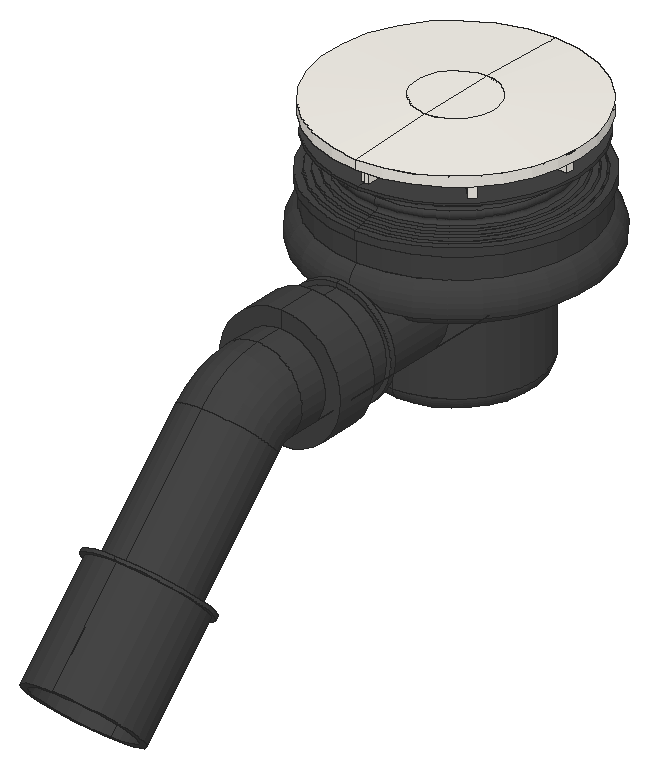
Revit family "Plumbing_Drainage_AXOR_42542XXX-Staro-Complete-set_waste-set-for-shower-tray", category Plumbing Fixtures, host Face, Revit 2022
Family settings
  Host = Face
  Round Connector Dimension = Use Diameter
  Part Type = Normal
  OmniClass Number = 23.31.15.17.23
  OmniClass Title = Bathtub Drains
  Cut with Voids When Loaded = No
  Maintain Annotation Orientation = No
  Shared = No
  Room Calculation Point = No
Parameters (values of type "000 Chrome")
  Version = 1  # constant formula
  URL = "https://www.hansgrohe.com/"
  Product data url = "https://bimobject.com/hansgrohe/product/42542XXX"
  Product Page URL = "https://www.axor-design.com/articledetail--42542000"
  Model = "42542XXX"  # constant formula
  Material 2 = AXOR - Plastic - Black
  Material 1 = AXOR - Metal - 000 Chrome
  Manufacturer = "Hansgrohe"  # constant formula
  Diameter = 50 mm  # constant formula
  Description = "Staro Complete set basic set and finish set waste set for shower tray"  # constant formula
  Default Elevation = 0 mm
  Date Updated = "2025/01/13"  # constant formula
  Date Created = "2025/01/13"  # constant formula
  Connector Description = "Water Outlet 50mm"  # constant formula
Types (5, lengths in mm): name | Product Page URL | Material 1
  700 Matt White | "https://www.axor-design.com/articledetail--42542700" | AXOR - Metal - 700 Matt White
  670 Matt Black | "https://www.axor-design.com/articledetail--42542670" | AXOR - Metal - 670 Matt Black
  340 Brushed Black Chrome | "https://www.axor-design.com/articledetail--42542340" | AXOR - Metal - 340 Brushed Black Chrome
  140 Brushed Bronze | "https://www.axor-design.com/articledetail--42542140" | AXOR - Metal - 140 Brushed Bronze
  000 Chrome | "https://www.axor-design.com/articledetail--42542000" | AXOR - Metal - 000 Chrome
Reference planes
  plane 1 "Center (Front/Back)": y = 0
  plane 2: z = 0
  plane 3 "Center (Left/Right)": x = 0
Forms (mm)
  Revolve 1, solid, material "AXOR - Plastic - Black" <- "Material 2", detail levels fine
    sketch origin (0, 0, 5.868) x (0, 1, 0) y (0, 0, 1)
      loop
        line (0, -43.69) -> (0, -109.546) -> (29.69, -109.546)
        arc (29.69, -109.546) -> (33.933, -107.789) -> (35.69, -103.546) r 6
        line (35.69, -103.546) -> (35.69, -64.127) -> (50.031, -64.127)
        arc (50.031, -64.127) -> (53.567, -62.662) -> (55.031, -59.127) r 5
        line (55.031, -59.127) -> (55.031, -57.496) -> (60.504, -57.496)
        arc (60.504, -57.496) -> (60.578, -49.834) -> (56, -43.69) r 12
        line (56, -43.69) -> (56, -33.596) -> (57.5, -33.596) -> (57.5, -29.996) -> (54.462, -29.996) -> (54, -29.196) -> (51.462, -29.196) -> (51, -28.396) -> (48.462, -28.396) -> (48, -27.596) -> (45.449, -27.596)
        arc (45.449, -27.596) -> (44.314, -26.47) -> (44.987, -25.02) r 1.391
        arc (44.987, -25.02) -> (45.897, -23.445) -> (44.987, -21.871) r 1.818
        arc (44.987, -21.871) -> (44.312, -20.701) -> (44.987, -19.532) r 1.35
        line (44.987, -19.532) -> (52.438, -15.23) -> (53.495, -15.23) -> (55.547, -14.045) -> (55.547, -13.028) -> (38.521, -13.028) -> (38.521, -43.69) -> (0, -43.69)
      axis (0, -13.028) -> (0, -109.546)
    angle from 0 to 360
  Sweep 2, solid, material "AXOR - Plastic - Black" <- "Material 2", detail levels fine
    path origin (0, 0, 5.868) x (0, 1, 0) y (0, 0, 1)
      loop
        line (-175.816, -124.439) -> (-129.822, -78.446)
        arc (-129.822, -78.446) -> (-121.712, -73.027) -> (-112.145, -71.124) r 25
        line (-112.145, -71.124) -> (0, -71.124)
    profile origin (0, -152.819, -95.574) x (0, -0.707107, 0.707107) y (1, 0, 0)
      loop
        circle (0, 0) r 20
      loop
        circle (0, 0) r 18
  Revolve 3, solid, material "AXOR - Plastic - Black" <- "Material 2", detail levels fine
    sketch origin (0, 0, 5.868) x (0, 1, 0) y (0, 0, 1)
      loop
        line (-228.566, -141.834) -> (-226.492, -143.908) -> (-191.42, -108.836) -> (-189.958, -110.297) -> (-186.966, -107.305) -> (-188.815, -106.632) -> (-192.504, -102.943) -> (-193.564, -104.004) -> (-192.15, -105.418) -> (-228.566, -141.834)
      axis (-172.824, -121.447) -> (-210.888, -159.512)
    angle from 0 to 360
  Revolve 4, solid, material "AXOR - Plastic - Black" <- "Material 2", detail levels fine
    sketch origin (0, 0, 5.868) x (0, 1, 0) y (0, 0, 1)
      loop
        line (-99.3, -43.624) -> (-99.3, -53.124) -> (-65, -53.124) -> (-65, -46.701) -> (-67.5, -46.701) -> (-67.5, -48.726) -> (-80.8, -48.726) -> (-80.8, -43.624) -> (-99.3, -43.624)
      axis (-99.3, -71.124) -> (-65, -71.124)
    angle from 0 to 360
  Revolve 5, solid, material "AXOR - Metal - 000 Chrome" <- "Material 1", detail levels fine
    sketch origin (0, 0, 5.868) x (0, 1, 0) y (0, 0, 1)
      loop
        line (56.443, -5.868) -> (56.443, -1.473)
        arc (56.443, -1.473) -> (36.945, -0.368) -> (17.419, 0) r 517.716
        line (17.419, 0) -> (0, 0) -> (0, -5.868) -> (21.566, -5.868) -> (21.566, -9.847) -> (26.108, -13.028) -> (33.932, -13.028) -> (33.932, -43.69) -> (38.521, -43.69) -> (38.521, -13.028) -> (51.551, -13.028) -> (51.551, -5.868) -> (56.443, -5.868)
      axis (0, -43.69) -> (0, 0)
    angle from 0 to 360
  Extrusion 6, void
    sketch origin (0, 0, 5.868) x (1, 0, 0) y (0, 1, 0)
      loop
        circle (0, 0) r 80
      loop
        line (-1.567, 18.69) -> (1.567, 18.69) -> (1.567, 64.34) -> (-1.567, 64.34) -> (-1.567, 18.69)
      loop
        line (18.69, 1.567) -> (18.69, -1.567) -> (64.342, -1.567) -> (64.342, 1.567) -> (18.69, 1.567)
      loop
        line (-1.567, -18.69) -> (-1.567, -64.34) -> (1.567, -64.34) -> (1.567, -18.69) -> (-1.567, -18.69)
      loop
        line (-18.69, 1.567) -> (-64.342, 1.567) -> (-64.342, -1.567) -> (-18.69, -1.567) -> (-18.69, 1.567)
      loop
        line (12.108, 14.324) -> (14.324, 12.108) -> (46.603, 44.387) -> (44.387, 46.603) -> (12.108, 14.324)
      loop
        line (14.324, -12.108) -> (12.108, -14.324) -> (44.389, -46.605) -> (46.605, -44.389) -> (14.324, -12.108)
      loop
        line (-14.324, -12.108) -> (-46.603, -44.387) -> (-44.387, -46.603) -> (-12.108, -14.324) -> (-14.324, -12.108)
      loop
        line (-12.108, 14.324) -> (-44.389, 46.605) -> (-46.605, 44.389) -> (-14.324, 12.108) -> (-12.108, 14.324)
    from -13.028 to -5.868
  Revolve 7, solid, material "AXOR - Plastic - Black" <- "Material 2", detail levels medium
    sketch origin (0, 0, 5.868) x (0, 1, 0) y (0, 0, 1)
      loop
        line (-228.566, -141.834) -> (-210.888, -159.512) -> (-173.412, -122.035) -> (-192.504, -102.943) -> (-193.564, -104.004) -> (-192.15, -105.418) -> (-228.566, -141.834)
      axis (-173.412, -122.035) -> (-210.888, -159.512)
    angle from 0 to 360
  Sweep 8, solid, material "AXOR - Plastic - Black" <- "Material 2", detail levels medium
    path origin (0, 0, 5.868) x (0, 1, 0) y (0, 0, 1)
      loop
        line (-173.412, -122.035) -> (-129.822, -78.446)
        arc (-129.822, -78.446) -> (-121.712, -73.027) -> (-112.145, -71.124) r 25
        line (-112.145, -71.124) -> (0, -71.124)
    profile origin (0, -151.617, -94.372) x (0, -0.707107, 0.707107) y (1, 0, 0)
      loop
        circle (0, 0) r 20
  Revolve 9, solid, material "AXOR - Plastic - Black" <- "Material 2", detail levels medium
    sketch origin (0, 0, 5.868) x (0, 1, 0) y (0, 0, 1)
      loop
        line (-99.3, -43.624) -> (-99.3, -71.124) -> (-65, -71.124) -> (-65, -46.701) -> (-67.5, -46.701) -> (-67.5, -48.726) -> (-80.8, -48.726) -> (-80.8, -43.624) -> (-99.3, -43.624)
      axis (-99.3, -71.124) -> (-65, -71.124)
    angle from 0 to 360
  Sweep 10, solid, material "AXOR - Plastic - Black" <- "Material 2", detail levels coarse
    path origin (0, 0, 5.868) x (0, 1, 0) y (0, 0, 1)
      loop
        line (-210.888, -159.512) -> (-129.822, -78.446)
        arc (-129.822, -78.446) -> (-121.712, -73.027) -> (-112.145, -71.124) r 25
        line (-112.145, -71.124) -> (0, -71.124)
    profile origin (0, -170.355, -113.111) x (0, -0.707107, 0.707107) y (1, 0, 0)
      loop
        line (20, 20) -> (-20, 20) -> (-20, -20) -> (20, -20) -> (20, 20)
  Revolve 11, solid, material "AXOR - Metal - 000 Chrome" <- "Material 1", detail levels medium
    sketch origin (0, 0, 5.868) x (0, 1, 0) y (0, 0, 1)
      loop
        line (56.443, -5.868) -> (56.443, -1.473)
        arc (56.443, -1.473) -> (36.945, -0.368) -> (17.419, 0) r 517.716
        line (17.419, 0) -> (0, 0) -> (0, -43.69) -> (38.521, -43.69) -> (38.521, -13.028) -> (51.551, -13.028) -> (51.551, -5.868) -> (56.443, -5.868)
      axis (0, -43.69) -> (0, 0)
    angle from 0 to 360
  Revolve 12, solid, material "AXOR - Plastic - Black" <- "Material 2", detail levels medium
    sketch origin (0, 0, 5.868) x (0, 1, 0) y (0, 0, 1)
      loop
        line (0, -13.028) -> (0, -109.546) -> (35.69, -109.546) -> (35.69, -64.127) -> (55.031, -64.127) -> (55.031, -57.496) -> (60.504, -57.496) -> (60.504, -43.69) -> (56, -43.69) -> (56, -33.596) -> (57.5, -33.596) -> (57.5, -27.596) -> (44.987, -27.596) -> (44.987, -19.532) -> (52.438, -15.23) -> (53.495, -15.23) -> (55.547, -14.045) -> (55.547, -13.028) -> (0, -13.028)
      axis (0, -13.028) -> (0, -109.546)
    angle from 0 to 360
  Revolve 13, solid, material "AXOR - Plastic - Black" <- "Material 2", detail levels coarse
    sketch origin (0, 0, 5.868) x (0, 1, 0) y (0, 0, 1)
      loop
        line (0, -13.028) -> (0, -109.546) -> (35.69, -109.546) -> (35.69, -64.127) -> (55.031, -64.127) -> (55.031, -57.496) -> (60.504, -57.496) -> (60.504, -43.69) -> (55.547, -43.69) -> (55.547, -13.028) -> (0, -13.028)
      axis (0, -13.028) -> (0, -109.546)
    angle from 0 to 360
  Revolve 14, solid, material "AXOR - Metal - 000 Chrome" <- "Material 1", detail levels coarse
    sketch origin (0, 0, 5.868) x (0, 1, 0) y (0, 0, 1)
      loop
        line (0, 0) -> (0, -13.028) -> (55.547, -13.028) -> (55.547, 0) -> (0, 0)
      axis (0, 0) -> (0, -13.028)
    angle from 0 to 360
Cuts and joins
  Extrusion 6 cuts Revolve 1
  Extrusion 6 cuts Revolve 5
  joined: Sweep 2, Revolve 3
Lines and regions (mm)
  Masking region 1
    outline origin (0, 0, 5.868) x (0, 1, 0) y (0, 0, 1)
      loop
        line (55.547, -13.028) -> (51.551, -13.028) -> (51.551, -5.868) -> (56.443, -5.868) -> (56.443, -1.473)
        arc (56.443, -1.473) -> (36.945, -0.368) -> (17.419, 0) r 517.716
        line (17.419, 0) -> (0, 0) -> (-17.419, 0)
        arc (-17.419, 0) -> (-36.945, -0.368) -> (-56.443, -1.473) r 517.716
        line (-56.443, -1.473) -> (-56.443, -5.868) -> (-51.551, -5.868) -> (-51.551, -13.028) -> (-55.547, -13.028) -> (-55.547, -14.045) -> (-53.495, -15.23) -> (-52.438, -15.23) -> (-44.987, -19.532)
        arc (-44.987, -19.532) -> (-44.312, -20.701) -> (-44.987, -21.871) r 1.35
        arc (-44.987, -21.871) -> (-45.897, -23.445) -> (-44.987, -25.02) r 1.818
        arc (-44.987, -25.02) -> (-44.314, -26.47) -> (-45.449, -27.596) r 1.391
        line (-45.449, -27.596) -> (-48, -27.596) -> (-48.462, -28.396) -> (-51, -28.396) -> (-51.462, -29.196) -> (-54, -29.196) -> (-54.462, -29.996) -> (-57.5, -29.996) -> (-57.5, -33.596) -> (-56, -33.596) -> (-56, -43.69)
        arc (-56, -43.69) -> (-60.578, -49.834) -> (-60.504, -57.496) r 12
        line (-60.504, -57.496) -> (-65, -57.496) -> (-65, -46.701) -> (-67.5, -46.701) -> (-67.5, -48.726) -> (-80.8, -48.726) -> (-80.8, -43.624) -> (-99.3, -43.624) -> (-99.3, -51.124) -> (-112.145, -51.124)
        arc (-112.145, -51.124) -> (-129.365, -54.549) -> (-143.964, -64.304) r 45
        line (-143.964, -64.304) -> (-186.966, -107.305) -> (-188.815, -106.632) -> (-192.504, -102.943) -> (-193.564, -104.004) -> (-192.15, -105.418) -> (-228.566, -141.834) -> (-193.211, -177.19) -> (-156.795, -140.774) -> (-155.38, -142.188) -> (-154.32, -141.127) -> (-158.009, -137.438) -> (-158.682, -135.589) -> (-115.68, -92.588)
        arc (-115.68, -92.588) -> (-114.058, -91.504) -> (-112.145, -91.124) r 5
        line (-112.145, -91.124) -> (-99.3, -91.124) -> (-99.3, -98.624) -> (-80.8, -98.624) -> (-80.8, -93.522) -> (-67.5, -93.522) -> (-67.5, -95.546) -> (-65, -95.546) -> (-65, -91.465) -> (-32.19, -91.465) -> (-32.19, -103.546)
        arc (-32.19, -103.546) -> (-30.433, -107.789) -> (-26.19, -109.546) r 6
        line (-26.19, -109.546) -> (29.69, -109.546)
        arc (29.69, -109.546) -> (33.933, -107.789) -> (35.69, -103.546) r 6
        line (35.69, -103.546) -> (35.69, -69.347) -> (50.031, -64.127)
        arc (50.031, -64.127) -> (53.567, -62.662) -> (55.031, -59.127) r 5
        line (55.031, -59.127) -> (55.031, -57.496) -> (60.504, -57.496)
        arc (60.504, -57.496) -> (60.578, -49.834) -> (56, -43.69) r 12
        line (56, -43.69) -> (56, -33.596) -> (57.5, -33.596) -> (57.5, -29.996) -> (54.462, -29.996) -> (54, -29.196) -> (51.462, -29.196) -> (51, -28.396) -> (48.462, -28.396) -> (48, -27.596) -> (45.449, -27.596)
        arc (45.449, -27.596) -> (44.314, -26.47) -> (44.987, -25.02) r 1.391
        arc (44.987, -25.02) -> (45.897, -23.445) -> (44.987, -21.871) r 1.818
        arc (44.987, -21.871) -> (44.312, -20.701) -> (44.987, -19.532) r 1.35
        line (44.987, -19.532) -> (52.438, -15.23) -> (53.495, -15.23) -> (55.547, -14.045) -> (55.547, -13.028)
  Masking region 2
    outline origin (0, 0, 5.868) x (1, 0, 0) y (0, 0, 1)
      loop
        line (-54.462, -29.996) -> (-57.5, -29.996) -> (-57.5, -33.596) -> (-56, -33.596) -> (-56, -43.69)
        arc (-56, -43.69) -> (-60.578, -49.834) -> (-60.504, -57.496) r 12
        line (-60.504, -57.496) -> (-55.031, -57.496) -> (-55.031, -59.127)
        arc (-55.031, -59.127) -> (-53.567, -62.662) -> (-50.031, -64.127) r 5
        line (-50.031, -64.127) -> (-35.69, -64.127) -> (-35.69, -103.546)
        arc (-35.69, -103.546) -> (-33.933, -107.789) -> (-29.69, -109.546) r 6
        line (-29.69, -109.546) -> (-20.422, -109.546)
        spline (-20.422, -109.546) -> (-21.434, -110.426) -> (-22.372, -111.346) -> (-23.23, -112.305) -> (-24.006, -113.297) -> (-24.698, -114.321) -> (-25.302, -115.372) -> (-25.817, -116.446) -> (-26.241, -117.54) -> (-26.572, -118.65) -> (-26.81, -119.772) -> (-26.952, -120.901) -> (-27, -122.035)
        line (-27, -122.035) -> (-27, -123.096)
        spline (-27, -123.096) -> (-26.986, -123.712) -> (-26.944, -124.328) -> (-26.874, -124.942) -> (-26.775, -125.554) -> (-26.649, -126.164) -> (-26.495, -126.77) -> (-26.314, -127.373) -> (-26.105, -127.971) -> (-25.869, -128.564) -> (-25.606, -129.152) -> (-25.316, -129.733) -> (-25, -130.307)
        line (-25, -130.307) -> (-25, -159.512)
        spline (-25, -159.512) -> (-24.786, -161.819) -> (-24.148, -164.087) -> (-23.097, -166.277) -> (-21.651, -168.351) -> (-19.834, -170.273) -> (-17.678, -172.012) -> (-15.219, -173.537) -> (-12.5, -174.821) -> (-9.567, -175.844) -> (-6.47, -176.587) -> (-3.263, -177.038) -> (0, -177.19)
        spline (0, -177.19) -> (3.263, -177.038) -> (6.47, -176.587) -> (9.567, -175.844) -> (12.5, -174.821) -> (15.219, -173.537) -> (17.678, -172.012) -> (19.834, -170.273) -> (21.651, -168.351) -> (23.097, -166.277) -> (24.148, -164.087) -> (24.786, -161.819) -> (25, -159.512)
        line (25, -159.512) -> (25, -130.307)
        spline (25, -130.307) -> (25.316, -129.733) -> (25.606, -129.152) -> (25.869, -128.564) -> (26.105, -127.971) -> (26.314, -127.373) -> (26.495, -126.77) -> (26.649, -126.164) -> (26.775, -125.554) -> (26.874, -124.942) -> (26.944, -124.328) -> (26.986, -123.712) -> (27, -123.096)
        line (27, -123.096) -> (27, -122.035)
        spline (27, -122.035) -> (26.952, -120.901) -> (26.81, -119.772) -> (26.572, -118.65) -> (26.241, -117.54) -> (25.817, -116.446) -> (25.302, -115.372) -> (24.698, -114.321) -> (24.006, -113.297) -> (23.23, -112.305) -> (22.372, -111.346) -> (21.434, -110.426) -> (20.422, -109.546)
        line (20.422, -109.546) -> (29.69, -109.546)
        arc (29.69, -109.546) -> (33.933, -107.789) -> (35.69, -103.546) r 6
        line (35.69, -103.546) -> (35.69, -64.127) -> (50.031, -64.127)
        arc (50.031, -64.127) -> (53.567, -62.662) -> (55.031, -59.127) r 5
        line (55.031, -59.127) -> (55.031, -57.496) -> (60.504, -57.496)
        arc (60.504, -57.496) -> (60.578, -49.834) -> (56, -43.69) r 12
        line (56, -43.69) -> (56, -33.596) -> (57.5, -33.596) -> (57.5, -29.996) -> (54.462, -29.996) -> (54, -29.196) -> (51.462, -29.196) -> (51, -28.396) -> (48.462, -28.396) -> (48, -27.596) -> (45.449, -27.596)
        arc (45.449, -27.596) -> (44.314, -26.47) -> (44.987, -25.02) r 1.391
        arc (44.987, -25.02) -> (45.897, -23.445) -> (44.987, -21.871) r 1.818
        arc (44.987, -21.871) -> (44.312, -20.701) -> (44.987, -19.532) r 1.35
        line (44.987, -19.532) -> (52.438, -15.23) -> (53.495, -15.23) -> (55.547, -14.045) -> (55.547, -13.028) -> (51.551, -13.028) -> (51.551, -5.868) -> (56.443, -5.868) -> (56.443, -1.473)
        arc (56.443, -1.473) -> (36.945, -0.368) -> (17.419, 0) r 517.716
        line (17.419, 0) -> (0, 0) -> (-17.419, 0)
        arc (-17.419, 0) -> (-36.945, -0.368) -> (-56.443, -1.473) r 517.716
        line (-56.443, -1.473) -> (-56.443, -5.868) -> (-51.551, -5.868) -> (-51.551, -13.028) -> (-55.547, -13.028) -> (-55.547, -14.045) -> (-53.495, -15.23) -> (-52.438, -15.23) -> (-44.987, -19.532)
        arc (-44.987, -19.532) -> (-44.312, -20.701) -> (-44.987, -21.871) r 1.35
        arc (-44.987, -21.871) -> (-45.897, -23.445) -> (-44.987, -25.02) r 1.818
        arc (-44.987, -25.02) -> (-44.314, -26.47) -> (-45.449, -27.596) r 1.391
        line (-45.449, -27.596) -> (-48, -27.596) -> (-48.462, -28.396) -> (-51, -28.396) -> (-51.462, -29.196) -> (-54, -29.196) -> (-54.462, -29.996)
  Masking region 3
    outline origin (0, 0, 0) x (1, 0, 0) y (0, 1, 0)
      loop
        line (24.423, -65) -> (20, -65) -> (20, -57.807)
        arc (20, -57.807) -> (0, 61.169) -> (-20, -57.807) r 61.169
        line (-20, -57.807) -> (-20, -65) -> (-24.423, -65) -> (-24.423, -67.5) -> (-22.398, -67.5) -> (-22.398, -80.8) -> (-27.5, -80.8) -> (-27.5, -99.3) -> (-20, -99.3) -> (-20, -160.586)
        spline (-20, -160.586) -> (-21.609, -161.965) -> (-23.028, -163.444) -> (-24.245, -165.011) -> (-25.25, -166.651) -> (-26.034, -168.35) -> (-26.589, -170.094) -> (-26.911, -171.867) -> (-26.998, -173.654) -> (-26.848, -175.438) -> (-26.462, -177.205) -> (-25.844, -178.938) -> (-25, -180.623)
        line (-25, -180.623) -> (-25, -210.888)
        spline (-25, -210.888) -> (-24.786, -213.196) -> (-24.148, -215.464) -> (-23.097, -217.653) -> (-21.651, -219.727) -> (-19.834, -221.65) -> (-17.678, -223.388) -> (-15.219, -224.913) -> (-12.5, -226.198) -> (-9.567, -227.22) -> (-6.47, -227.964) -> (-3.263, -228.415) -> (0, -228.566)
        spline (0, -228.566) -> (3.263, -228.415) -> (6.47, -227.964) -> (9.567, -227.22) -> (12.5, -226.198) -> (15.219, -224.913) -> (17.678, -223.388) -> (19.834, -221.65) -> (21.651, -219.727) -> (23.097, -217.653) -> (24.148, -215.464) -> (24.786, -213.196) -> (25, -210.888)
        line (25, -210.888) -> (25, -180.623)
        spline (25, -180.623) -> (25.844, -178.938) -> (26.462, -177.205) -> (26.848, -175.438) -> (26.998, -173.654) -> (26.911, -171.867) -> (26.589, -170.094) -> (26.034, -168.35) -> (25.25, -166.651) -> (24.245, -165.011) -> (23.028, -163.444) -> (21.609, -161.965) -> (20, -160.586)
        line (20, -160.586) -> (20, -99.3) -> (27.5, -99.3) -> (27.5, -80.8) -> (22.398, -80.8) -> (22.398, -67.5) -> (24.423, -67.5) -> (24.423, -65)
  symbolic lines, detail levels fine
    curve 1: arc (0, 35.69, -63.478) -> (0, -0.874, -74.194) -> (0, -38.506, -80.157) r 298.001
    curve 5: line (0, -50.293, -80.157) -> (0, -50.293, -51.628)
    curve 6: line (0, -38.506, -80.157) -> (0, -50.293, -80.157)
    curve 10: line (0, -158.682, -129.721) -> (0, -186.966, -101.437)
    curve 11: line (0, -188.815, -100.764) -> (0, -158.009, -131.57)
    curve 15: line (0, -56, -37.822) -> (0, 56, -37.822)
    curve 16: line (0, 56, -27.728) -> (0, -56, -27.728)
    curve 17: line (0, -45.449, -21.728) -> (0, 45.449, -21.728)
    curve 18: line (0, 52.438, -9.362) -> (0, -52.438, -9.362)
    curve 19: line (0, 54.462, -24.128) -> (0, -54.462, -24.128)
    curve 20: line (0, -51.462, -23.328) -> (0, 51.462, -23.328)
    curve 21: line (0, 48.462, -22.528) -> (0, -48.462, -22.528)
    curve 23: line (0, 37.543, 0) -> (0, 37.543, -7.16)
    curve 24: line (0, 35.327, -7.16) -> (0, 35.327, 0)
    curve 25: line (0, -35.327, 0) -> (0, -35.327, -7.16)
    curve 26: line (0, -37.543, -7.16) -> (0, -37.543, 0)
    curve 27: line (0, 1.567, 0) -> (0, 1.567, -7.16)
    curve 28: line (0, -1.567, -7.16) -> (0, -1.567, 0)
    curve 32: spline (0, 0, -169.248) -> (-5.711, 0, -168.716) -> (-11.034, 0, -167.157) -> (-15.604, 0, -164.677) -> (-19.111, 0, -161.446) -> (-21.315, 0, -157.682) -> (-22.067, 0, -153.644) -> (-21.315, 0, -149.605) -> (-19.111, 0, -145.842) -> (-15.604, 0, -142.61) -> (-11.034, 0, -140.13) -> (-5.711, 0, -138.572) -> (0, 0, -138.04)
    curve 33: spline (0, 0, -99.55) -> (-3.263, 0, -99.701) -> (-6.47, 0, -100.152) -> (-9.567, 0, -100.896) -> (-12.5, 0, -101.918) -> (-15.219, 0, -103.203) -> (-17.678, 0, -104.728) -> (-19.834, 0, -106.466) -> (-21.651, 0, -108.389) -> (-23.097, 0, -110.463) -> (-24.148, 0, -112.652) -> (-24.786, 0, -114.92) -> (-25, 0, -117.228)
    curve 36: line (-56, 0, -27.728) -> (0, 0, -27.728)
    curve 37: line (-45.449, 0, -21.728) -> (0, 0, -21.728)
    curve 38: line (-54.462, 0, -24.128) -> (0, 0, -24.128)
    curve 39: line (-51.462, 0, -23.328) -> (0, 0, -23.328)
    curve 40: line (-48.462, 0, -22.528) -> (0, 0, -22.528)
    curve 41: line (-52.438, 0, -9.362) -> (0, 0, -9.362)
    curve 46: spline (0, 0, -169.248) -> (5.711, 0, -168.716) -> (11.034, 0, -167.157) -> (15.604, 0, -164.677) -> (19.111, 0, -161.446) -> (21.315, 0, -157.682) -> (22.067, 0, -153.644) -> (21.315, 0, -149.605) -> (19.111, 0, -145.842) -> (15.604, 0, -142.61) -> (11.034, 0, -140.13) -> (5.711, 0, -138.572) -> (0, 0, -138.04)
    curve 47: spline (0, 0, -99.55) -> (3.263, 0, -99.701) -> (6.47, 0, -100.152) -> (9.567, 0, -100.896) -> (12.5, 0, -101.918) -> (15.219, 0, -103.203) -> (17.678, 0, -104.728) -> (19.834, 0, -106.466) -> (21.651, 0, -108.389) -> (23.097, 0, -110.463) -> (24.148, 0, -112.652) -> (24.786, 0, -114.92) -> (25, 0, -117.228)
    curve 50: line (56, 0, -27.728) -> (0, 0, -27.728)
    curve 51: line (45.449, 0, -21.728) -> (0, 0, -21.728)
    curve 52: line (54.462, 0, -24.128) -> (0, 0, -24.128)
    curve 53: line (51.462, 0, -23.328) -> (0, 0, -23.328)
    curve 54: line (48.462, 0, -22.528) -> (0, 0, -22.528)
    curve 55: line (52.438, 0, -9.362) -> (0, 0, -9.362)
    curve 59: line (25, 0, -124.439) -> (25, 0, -117.228)
    curve 60: line (-25, 0, -124.439) -> (-25, 0, -117.228)
    curve 63: line (-37.543, 0, 0) -> (-37.543, 0, -7.16)
    curve 64: line (-35.327, 0, -7.16) -> (-35.327, 0, 0)
    curve 65: line (-1.567, 0, -7.16) -> (-1.567, 0, 0)
    curve 66: line (1.567, 0, 0) -> (1.567, 0, -7.16)
    curve 67: line (35.327, 0, 0) -> (35.327, 0, -7.16)
    curve 68: line (37.543, 0, -7.16) -> (37.543, 0, 0)
    curve 70: circle (0, 0, 0) r 56.443 normal (0, 0, 1)
    curve 72: spline (-20, -167.308, 0) -> (-21.145, -169.712, 0) -> (-21.717, -172.216, 0) -> (-21.701, -174.752, 0) -> (-21.095, -177.252, 0) -> (-19.918, -179.648, 0) -> (-18.201, -181.875, 0) -> (-15.99, -183.872, 0) -> (-13.346, -185.586, 0) -> (-10.339, -186.969, 0) -> (-7.053, -187.985, 0) -> (-3.575, -188.606, 0) -> (0, -188.815, 0)
    curve 80: spline (20, -167.308, 0) -> (21.145, -169.712, 0) -> (21.717, -172.216, 0) -> (21.701, -174.752, 0) -> (21.095, -177.252, 0) -> (19.918, -179.648, 0) -> (18.201, -181.875, 0) -> (15.99, -183.872, 0) -> (13.346, -185.586, 0) -> (10.339, -186.969, 0) -> (7.053, -187.985, 0) -> (3.575, -188.606, 0) -> (0, -188.815, 0)
  symbolic lines, detail levels medium+fine
    curve 2: line (0, -50.293, -51.628) -> (0, -60.504, -51.628)
    curve 3: line (0, 51.551, -7.16) -> (0, 0, -7.16)
    curve 4: line (0, -51.551, -7.16) -> (0, 0, -7.16)
    curve 7: line (0, -80.8, -42.857) -> (0, -80.8, -87.653)
    curve 8: line (0, -67.5, -42.857) -> (0, -67.5, -87.653)
    curve 9: line (0, -65, -51.628) -> (0, -65, -85.597)
    curve 12: line (0, -192.15, -99.55) -> (0, -156.795, -134.905)
    curve 13: line (0, -99.3, -45.255) -> (0, -99.3, -85.255)
    curve 14: line (0, 55.031, -51.628) -> (0, -50.293, -51.628)
    curve 22: line (0, 51.527, 0) -> (0, -51.527, 0)
    curve 29: line (0, 0, -7.16) -> (-51.551, 0, -7.16)
    curve 30: arc (0, 0, -45.255) -> (-14.142, 0, -51.113) -> (-20, 0, -65.255) r 20
    curve 31: line (-20, 0, -65.255) -> (-20, 0, -103.341)
    curve 34: line (-35.69, 0, -58.259) -> (-26.595, 0, -58.259)
    curve 35: arc (0, 0, -37.755) -> (-25.252, 0, -54.365) -> (-20, 0, -84.13) r 27.5
    curve 42: line (-51.551, 0, 0) -> (0, 0, 0)
    curve 43: line (0, 0, -7.16) -> (51.551, 0, -7.16)
    curve 44: arc (0, 0, -45.255) -> (14.142, 0, -51.113) -> (20, 0, -65.255) r 20
    curve 45: line (20, 0, -65.255) -> (20, 0, -103.341)
    curve 48: line (35.69, 0, -58.259) -> (26.595, 0, -58.259)
    curve 49: arc (0, 0, -37.755) -> (25.252, 0, -54.365) -> (20, 0, -84.13) r 27.5
    curve 56: line (51.551, 0, 0) -> (0, 0, 0)
    curve 57: spline (-20, 0, -103.341) -> (-18.692, 0, -102.39) -> (-17.293, 0, -101.505) -> (-15.811, 0, -100.691) -> (-14.253, 0, -99.952) -> (-12.626, 0, -99.291) -> (-10.938, 0, -98.712) -> (-9.197, 0, -98.217) -> (-7.411, 0, -97.809) -> (-5.59, 0, -97.489) -> (-3.742, 0, -97.259) -> (-1.875, 0, -97.121) -> (0, 0, -97.075)
    curve 58: spline (20, 0, -103.341) -> (18.692, 0, -102.39) -> (17.293, 0, -101.505) -> (15.811, 0, -100.691) -> (14.253, 0, -99.952) -> (12.626, 0, -99.291) -> (10.938, 0, -98.712) -> (9.197, 0, -98.217) -> (7.411, 0, -97.809) -> (5.59, 0, -97.489) -> (3.742, 0, -97.259) -> (1.875, 0, -97.121) -> (0, 0, -97.075)
    curve 61: spline (-25, 0, -153.644) -> (-24.786, 0, -151.336) -> (-24.148, 0, -149.068) -> (-23.097, 0, -146.879) -> (-21.651, 0, -144.805) -> (-19.834, 0, -142.882) -> (-17.678, 0, -141.144) -> (-15.219, 0, -139.619) -> (-12.5, 0, -138.334) -> (-9.567, 0, -137.312) -> (-6.47, 0, -136.568) -> (-3.263, 0, -136.117) -> (0, 0, -135.966)
    curve 62: spline (25, 0, -153.644) -> (24.786, 0, -151.336) -> (24.148, 0, -149.068) -> (23.097, 0, -146.879) -> (21.651, 0, -144.805) -> (19.834, 0, -142.882) -> (17.678, 0, -141.144) -> (15.219, 0, -139.619) -> (12.5, 0, -138.334) -> (9.567, 0, -137.312) -> (6.47, 0, -136.568) -> (3.263, 0, -136.117) -> (0, 0, -135.966)
    curve 69: arc (-20, -57.807, 0) -> (0, -61.169, 0) -> (20, -57.807, 0) r 61.169
    curve 71: line (0, -80.8, 0) -> (-22.398, -80.8, 0)
    curve 73: spline (-20, -172.824, 0) -> (-19.829, -174.67, 0) -> (-19.319, -176.484, 0) -> (-18.478, -178.236, 0) -> (-17.321, -179.895, 0) -> (-15.867, -181.433, 0) -> (-14.142, -182.824, 0) -> (-12.175, -184.043, 0) -> (-10, -185.071, 0) -> (-7.654, -185.889, 0) -> (-5.176, -186.484, 0) -> (-2.611, -186.845, 0) -> (0, -186.966, 0)
    curve 74: line (-20, -160.586, 0) -> (-20, -172.824, 0)
    curve 75: spline (-25, -180.623, 0) -> (-23.874, -182.328, 0) -> (-22.517, -183.947, 0) -> (-20.94, -185.464, 0) -> (-19.16, -186.863, 0) -> (-17.194, -188.132, 0) -> (-15.061, -189.257, 0) -> (-12.781, -190.229, 0) -> (-10.377, -191.037, 0) -> (-7.872, -191.674, 0) -> (-5.291, -192.133, 0) -> (-2.659, -192.411, 0) -> (0, -192.504, 0)
    curve 76: line (-20, -65, 0) -> (0, -65, 0)
    curve 77: line (-22.398, -67.5, 0) -> (0, -67.5, 0)
    curve 78: line (-20, -99.3, 0) -> (0, -99.3, 0)
    curve 79: line (0, -80.8, 0) -> (22.398, -80.8, 0)
    curve 81: spline (20, -172.824, 0) -> (19.829, -174.67, 0) -> (19.319, -176.484, 0) -> (18.478, -178.236, 0) -> (17.321, -179.895, 0) -> (15.867, -181.433, 0) -> (14.142, -182.824, 0) -> (12.175, -184.043, 0) -> (10, -185.071, 0) -> (7.654, -185.889, 0) -> (5.176, -186.484, 0) -> (2.611, -186.845, 0) -> (0, -186.966, 0)
    curve 82: line (20, -160.586, 0) -> (20, -172.824, 0)
    curve 83: spline (25, -180.623, 0) -> (23.874, -182.328, 0) -> (22.517, -183.947, 0) -> (20.94, -185.464, 0) -> (19.16, -186.863, 0) -> (17.194, -188.132, 0) -> (15.061, -189.257, 0) -> (12.781, -190.229, 0) -> (10.377, -191.037, 0) -> (7.872, -191.674, 0) -> (5.291, -192.133, 0) -> (2.659, -192.411, 0) -> (0, -192.504, 0)
    curve 84: line (20, -65, 0) -> (0, -65, 0)
    curve 85: line (22.398, -67.5, 0) -> (0, -67.5, 0)
    curve 86: line (20, -99.3, 0) -> (0, -99.3, 0)
Dimensions and locks
  aligned and locked: plane 2 to host face
  aligned and locked: level to host face
Connectors
  piping at (0, -210.888, -153.644), diameter 50, driven by "Diameter", driven by "Connector Description"
    settings: on Revolve 7, index 1, connector inside diameter 609.6 mm, connector length 0 mm, flow factor 0, pipe flow 0.0 L/s, pressure drop 0.0 Pa, fitting loss kfactor 0, connector angle 0.00°, fixture units 0, engagement length 0 mm, angle of deflection 0.00°, flow configuration 0, flow direction 2, fitting loss method 0, system type 16, joint type 0, gender type 0, connector reference index -1, connector utility 0, adjustable connector no, is connector primary yes, connector description "Water Outlet 50mm"
